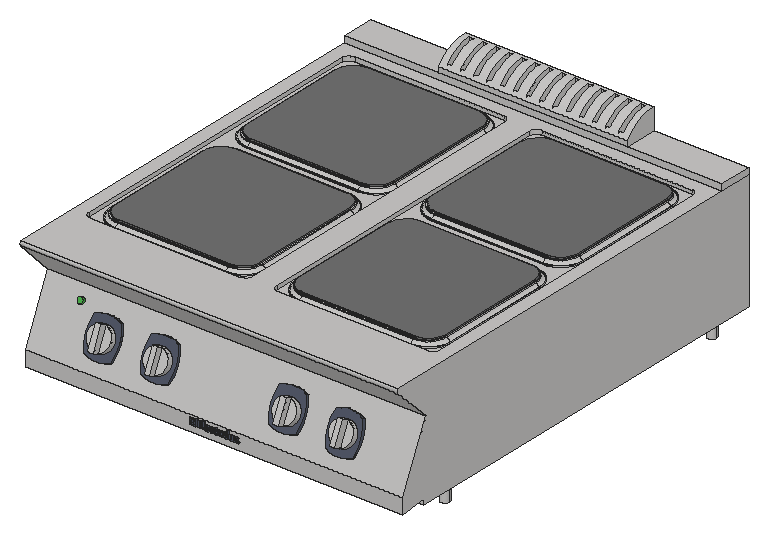
Revit family "QF_ELECTROLUXPROFESSIONAL_391182_E9ECMH4Q05", category Specialty Equipment, Revit 2018
Family settings
  Round Connector Dimension = Use Diameter
  Part Type = Normal
  Work Plane-Based = No
  Always vertical = Yes
  Cut with Voids When Loaded = No
  Shared = No
  Room Calculation Point = No
Parameters (values of type "Standard")
  Weight = 85.00 kg
  Watts = 0 W
  Volts = 400 V
  URL Manufacturer = "http://professional.electrolux.com"
  URL = "http://professional.electrolux.com"
  Steam Supply Size = 0"
  Steam Supply Minimum Pressure = 0.00 psi
  Steam Supply Maximum Pressure = 0.00 psi
  Steam Pounds per Hour = 0
  Show Logo [instance] = yes
  Show Clearance [instance] = yes
  Refrigeration Suction Line Size = 0 mm
  Refrigeration Liquid Line Size = 0 mm
  Refrigerant Compressor Remote = yes
  Phase = 3
  Model = "E9ECMH4Q05"
  Manufacturer = "Electrolux Professional"
  Length Actual = 800 mm  # constant formula
  Item Number = "391182"
  Hot Water Size = 0"
  Height Actual = 250 mm  # constant formula
  HP = "21.5 HP"
  Gas Size = 0"
  Gas KW = 0
  Gas Input Pressure = 0.0 Btu/h
  Direct Waste Size = 0"
  Description = "4HOT PLATE EL.BOIL.TOP 800MM-400V-MARINE"
  Depth Actual = 930 mm  # constant formula
  Cycle = 50 Hz
  Condensate Return Size = 0"
  Compressed Air Volume = 0 GPM
  Compressed Air Size = 0"
  Compressed Air Pressure = 0.00 psi
  Cold Water Size = 0"
  Accessory = yes
Reference planes
  plane 1 "BACK": y = 0
  plane 2: z = 0
  plane 3 "LEFT": x = 0
  plane 4 "RIGHT": x = 800
  plane 5 "FRONT": y = -930
  plane 6 "TOP": z = 333
  plane 7 "Center Y": x = 400
  plane 8 "Center X": y = -465
  plane 9 "BASE": z = 24
  plane 10 "TOP A": z = 275
  plane 11: y = -790
  plane 12: y = -915
  plane 13: y = -82
  plane 14: y = -609
  plane 15: y = -583
Forms (mm)
  Extrusion 1, solid, material "QF_Finishes_Stainless Steel"
    sketch origin (0, 0, 0) x (0, 1, 0) y (0, 0, 1)
      loop
        line (0, 275) -> (-928.041, 275)
        arc (-928.041, 275) -> (-929.999, 270.526) -> (-928.201, 265.985) r 6.35
        line (-928.201, 265.985) -> (-856.039, 191.809) -> (-915, 63.041) -> (-915, 30.789) -> (-859.023, 36.7) -> (-859.023, 24) -> (0, 24) -> (0, 275)
    from 0 to 800
  Extrusion 2, void
    sketch origin (0, -198.623, 273.238) x (-1, 0, 0) y (0, -1, 0)
      loop
        arc (-42.5, -101.089) -> (-31.893, -96.696) -> (-27.5, -86.089) r 15
        line (-27.5, -86.089) -> (-27.5, 583.262)
        arc (-27.5, 583.262) -> (-31.893, 593.868) -> (-42.5, 598.262) r 15
        line (-42.5, 598.262) -> (-359.751, 598.262)
        arc (-359.751, 598.262) -> (-370.358, 593.868) -> (-374.751, 583.262) r 15
        line (-374.751, 583.262) -> (-374.751, -86.089)
        arc (-374.751, -86.089) -> (-370.358, -96.696) -> (-359.751, -101.089) r 15
        line (-359.751, -101.089) -> (-42.5, -101.089)
      loop
        line (-757.5, -101.089) -> (-440.249, -101.089)
        arc (-440.249, -101.089) -> (-429.642, -96.696) -> (-425.249, -86.089) r 15
        line (-425.249, -86.089) -> (-425.249, 583.262)
        arc (-425.249, 583.262) -> (-429.642, 593.868) -> (-440.249, 598.262) r 15
        line (-440.249, 598.262) -> (-757.5, 598.262)
        arc (-757.5, 598.262) -> (-768.107, 593.868) -> (-772.5, 583.262) r 15
        line (-772.5, 583.262) -> (-772.5, -86.089)
        arc (-772.5, -86.089) -> (-768.107, -96.696) -> (-757.5, -101.089) r 15
    from 1.763 to -6.35
  Extrusion 3, solid, material "QF_Finishes_Stainless Steel"
    sketch origin (0, -198.623, 0) x (1, 0, 0) y (0, 1, 0)
      loop
        circle (11.112, 116.623) r 9.525
      loop
        circle (11.112, -591.377) r 9.525
      loop
        circle (788.887, 116.623) r 9.525
      loop
        circle (788.888, -591.377) r 9.525
    from 0 to 24
  Extrusion 4, solid, material "QF_Clearances", visible <- "Show Clearance", detail levels coarse
    sketch origin (0, -198.623, 0) x (1, 0, 0) y (0, 1, 0)
      loop
        line (0, -731.377) -> (0, 198.623) -> (800, 198.623) -> (800, -731.377) -> (900.019, -731.377) -> (900.019, 298.642) -> (-100.019, 298.642) -> (-100.019, -731.377) -> (0, -731.377)
    from 0 to 333
  Extrusion 5, solid, material "QF_Finishes_Stainless Steel"
    sketch origin (0, -198.623, 266.888) x (-1, 0, 0) y (0, -1, 0)
      loop
        arc (-86.725, 266.377) -> (-58.441, 278.092) -> (-46.725, 306.377) r 40
        line (-46.725, 306.377) -> (-46.725, 541.377)
        arc (-46.725, 541.377) -> (-58.441, 569.661) -> (-86.725, 581.377) r 40
        line (-86.725, 581.377) -> (-321.725, 581.377)
        arc (-321.725, 581.377) -> (-350.009, 569.661) -> (-361.725, 541.377) r 40
        line (-361.725, 541.377) -> (-361.725, 306.377)
        arc (-361.725, 306.377) -> (-350.009, 278.092) -> (-321.725, 266.377) r 40
        line (-321.725, 266.377) -> (-86.725, 266.377)
      loop
        line (-86.725, 230.796) -> (-321.725, 230.796)
        arc (-321.725, 230.796) -> (-350.009, 219.08) -> (-361.725, 190.796) r 40
        line (-361.725, 190.796) -> (-361.725, -44.204)
        arc (-361.725, -44.204) -> (-350.009, -72.488) -> (-321.725, -84.204) r 40
        line (-321.725, -84.204) -> (-86.725, -84.204)
        arc (-86.725, -84.204) -> (-58.441, -72.488) -> (-46.725, -44.204) r 40
        line (-46.725, -44.204) -> (-46.725, 190.796)
        arc (-46.725, 190.796) -> (-58.441, 219.08) -> (-86.725, 230.796) r 40
      loop
        line (-713.275, 266.377) -> (-478.275, 266.377)
        arc (-478.275, 266.377) -> (-449.991, 278.092) -> (-438.275, 306.377) r 40
        line (-438.275, 306.377) -> (-438.275, 541.377)
        arc (-438.275, 541.377) -> (-449.991, 569.661) -> (-478.275, 581.377) r 40
        line (-478.275, 581.377) -> (-713.275, 581.377)
        arc (-713.275, 581.377) -> (-741.559, 569.661) -> (-753.275, 541.377) r 40
        line (-753.275, 541.377) -> (-753.275, 306.377)
        arc (-753.275, 306.377) -> (-741.559, 278.092) -> (-713.275, 266.377) r 40
      loop
        arc (-713.275, 230.796) -> (-741.559, 219.08) -> (-753.275, 190.796) r 40
        line (-753.275, 190.796) -> (-753.275, -44.204)
        arc (-753.275, -44.204) -> (-741.559, -72.488) -> (-713.275, -84.204) r 40
        line (-713.275, -84.204) -> (-478.275, -84.204)
        arc (-478.275, -84.204) -> (-449.991, -72.488) -> (-438.275, -44.204) r 40
        line (-438.275, -44.204) -> (-438.275, 190.796)
        arc (-438.275, 190.796) -> (-449.991, 219.08) -> (-478.275, 230.796) r 40
        line (-478.275, 230.796) -> (-713.275, 230.796)
    from 0 to 10
  Sweep 6, solid, material "QF_Finishes_Stainless Steel"
    path origin (0, -198.623, 276.888) x (-1, 0, 0) y (0, -1, 0)
      loop
        line (-46.725, 306.377) -> (-46.725, 541.377)
        arc (-46.725, 541.377) -> (-58.441, 569.661) -> (-86.725, 581.377) r 40
        line (-86.725, 581.377) -> (-321.725, 581.377)
        arc (-321.725, 581.377) -> (-350.009, 569.661) -> (-361.725, 541.377) r 40
        line (-361.725, 541.377) -> (-361.725, 306.377)
        arc (-361.725, 306.377) -> (-350.009, 278.092) -> (-321.725, 266.377) r 40
        line (-321.725, 266.377) -> (-86.725, 266.377)
        arc (-86.725, 266.377) -> (-58.441, 278.092) -> (-46.725, 306.377) r 40
    profile origin (46.725, -622.5, 276.888) x (1, 0, 0) y (0, 0, 1)
      loop
        arc (0, -1.759) -> (-2.638, -5.472) -> (-6.35, -8.109) r 13.651
        line (-6.35, -8.109) -> (-8.064, -8.109) -> (-8.064, -10) -> (0, -10) -> (0, -1.759)
  Sweep 7, solid, material "QF_Finishes_Stainless Steel"
    path origin (0, 151.957, 276.888) x (-1, 0, 0) y (0, -1, 0)
      loop
        line (-46.725, 306.377) -> (-46.725, 541.377)
        arc (-46.725, 541.377) -> (-58.441, 569.661) -> (-86.725, 581.377) r 40
        line (-86.725, 581.377) -> (-321.725, 581.377)
        arc (-321.725, 581.377) -> (-350.009, 569.661) -> (-361.725, 541.377) r 40
        line (-361.725, 541.377) -> (-361.725, 306.377)
        arc (-361.725, 306.377) -> (-350.009, 278.092) -> (-321.725, 266.377) r 40
        line (-321.725, 266.377) -> (-86.725, 266.377)
        arc (-86.725, 266.377) -> (-58.441, 278.092) -> (-46.725, 306.377) r 40
    profile origin (46.725, -271.919, 276.888) x (1, 0, 0) y (0, 0, 1)
      loop
        arc (0, -1.759) -> (-2.638, -5.472) -> (-6.35, -8.109) r 13.651
        line (-6.35, -8.109) -> (-8.064, -8.109) -> (-8.064, -10) -> (0, -10) -> (0, -1.759)
  Extrusion 8, solid, material "QF_Finishes_Rubber Black"
    sketch origin (0, -198.623, 276.888) x (-1, 0, 0) y (0, -1, 0)
      loop
        arc (-49.725, 190.796) -> (-60.562, 216.959) -> (-86.725, 227.796) r 37
        line (-86.725, 227.796) -> (-321.725, 227.796)
        arc (-321.725, 227.796) -> (-347.888, 216.959) -> (-358.725, 190.796) r 37
        line (-358.725, 190.796) -> (-358.725, -44.204)
        arc (-358.725, -44.204) -> (-347.888, -70.367) -> (-321.725, -81.204) r 37
        line (-321.725, -81.204) -> (-86.725, -81.204)
        arc (-86.725, -81.204) -> (-60.562, -70.367) -> (-49.725, -44.204) r 37
        line (-49.725, -44.204) -> (-49.725, 190.796)
      loop
        arc (-86.725, 269.377) -> (-60.562, 280.214) -> (-49.725, 306.377) r 37
        line (-49.725, 306.377) -> (-49.725, 541.377)
        arc (-49.725, 541.377) -> (-60.562, 567.54) -> (-86.725, 578.377) r 37
        line (-86.725, 578.377) -> (-321.725, 578.377)
        arc (-321.725, 578.377) -> (-347.888, 567.54) -> (-358.725, 541.377) r 37
        line (-358.725, 541.377) -> (-358.725, 306.377)
        arc (-358.725, 306.377) -> (-347.888, 280.214) -> (-321.725, 269.377) r 37
        line (-321.725, 269.377) -> (-86.725, 269.377)
      loop
        line (-750.275, 190.796) -> (-750.275, -44.204)
        arc (-750.275, -44.204) -> (-739.438, -70.367) -> (-713.275, -81.204) r 37
        line (-713.275, -81.204) -> (-478.275, -81.204)
        arc (-478.275, -81.204) -> (-452.112, -70.367) -> (-441.275, -44.204) r 37
        line (-441.275, -44.204) -> (-441.275, 190.796)
        arc (-441.275, 190.796) -> (-452.112, 216.959) -> (-478.275, 227.796) r 37
        line (-478.275, 227.796) -> (-713.275, 227.796)
        arc (-713.275, 227.796) -> (-739.438, 216.959) -> (-750.275, 190.796) r 37
      loop
        line (-713.275, 269.377) -> (-478.275, 269.377)
        arc (-478.275, 269.377) -> (-452.112, 280.214) -> (-441.275, 306.377) r 37
        line (-441.275, 306.377) -> (-441.275, 541.377)
        arc (-441.275, 541.377) -> (-452.112, 567.54) -> (-478.275, 578.377) r 37
        line (-478.275, 578.377) -> (-713.275, 578.377)
        arc (-713.275, 578.377) -> (-739.438, 567.54) -> (-750.275, 541.377) r 37
        line (-750.275, 541.377) -> (-750.275, 306.377)
        arc (-750.275, 306.377) -> (-739.438, 280.214) -> (-713.275, 269.377) r 37
    from 0 to 2
  Extrusion 9, solid, material "QF_Finishes_Green"
    sketch origin (0, -915, 63.041) x (0, 0.416318, 0.909219) y (-1, 0, 0)
      loop
        circle (111.946, -80.648) r 6.35
    from 0 to 3.175
  Extrusion 10, solid, material "QF_Finishes_Stainless Steel"
    sketch origin (-24.783, -926.544, 74) x (0, 0.421077, 0.907025) y (-1, 0, 0)
      loop
        arc (85.433, -567.049) -> (86.101, -561.263) -> (85.433, -555.477) r 25.4
        line (85.433, -555.477) -> (35.969, -555.477)
        arc (35.969, -555.477) -> (35.301, -561.263) -> (35.969, -567.049) r 25.4
        line (35.969, -567.049) -> (85.433, -567.049)
      loop
        arc (85.433, -687.049) -> (86.101, -681.263) -> (85.433, -675.477) r 25.4
        line (85.433, -675.477) -> (35.969, -675.477)
        arc (35.969, -675.477) -> (35.301, -681.263) -> (35.969, -687.049) r 25.4
        line (35.969, -687.049) -> (85.433, -687.049)
      loop
        line (85.433, -282.517) -> (35.969, -282.517)
        arc (35.969, -282.517) -> (35.301, -288.303) -> (35.969, -294.089) r 25.4
        line (35.969, -294.089) -> (85.433, -294.089)
        arc (85.433, -294.089) -> (86.101, -288.303) -> (85.433, -282.517) r 25.4
      loop
        line (85.433, -162.517) -> (35.969, -162.517)
        arc (35.969, -162.517) -> (35.301, -168.303) -> (35.969, -174.089) r 25.4
        line (35.969, -174.089) -> (85.433, -174.089)
        arc (85.433, -174.089) -> (86.101, -168.303) -> (85.433, -162.517) r 25.4
    from 0 to 12.7
  Extrusion 11, solid, material "QF_Finishes_Stainless Steel"
    sketch origin (417.5, -915.025, 66.777) x (0, 0.421077, 0.907025) y (-1, 0, 0)
      loop
        circle (62.576, -119.037) r 25.4
      loop
        circle (62.576, -239.037) r 25.4
      loop
        circle (62.576, 154.037) r 25.4
      loop
        circle (62.576, 274.037) r 25.4
    from 0 to 12.7
  Extrusion 12, solid, material "QF_Finishes_Stainless Steel"
    sketch origin (0, -300.223, 24) x (-1, 0, 0) y (0, 1, 0)
      loop
        circle (-649, -308.777) r 12.7
    from 0 to 12.7
  Extrusion 13, solid, material "QF_Finishes_Stainless Steel"
    sketch origin (0, -300.223, 24) x (-1, 0, 0) y (0, 1, 0)
      loop
        circle (-739, -282.777) r 12.7
    from 0 to 12.7
  Extrusion 14, solid, material "QF_Finishes_Navy Blue - Electrolux"
    sketch origin (0, -915, 63.041) x (0, 0.416318, 0.909219) y (-1, 0, 0)
      loop
        arc (103.364, -507.24) -> (68.487, -500.223) -> (33.619, -507.285) r 89.894
        arc (33.619, -507.285) -> (26.924, -535.815) -> (33.619, -564.346) r 64.14
        arc (33.619, -564.346) -> (68.487, -571.411) -> (103.364, -564.39) r 89.853
        arc (103.364, -564.39) -> (110.078, -535.815) -> (103.364, -507.24) r 64.16
      loop
        arc (100.864, -627.597) -> (65.987, -620.58) -> (31.119, -627.641) r 89.894
        arc (31.119, -627.641) -> (24.424, -656.172) -> (31.119, -684.703) r 64.14
        arc (31.119, -684.703) -> (65.987, -691.768) -> (100.864, -684.747) r 89.853
        arc (100.864, -684.747) -> (107.578, -656.172) -> (100.864, -627.597) r 64.16
      loop
        arc (103.364, -292.76) -> (110.078, -264.185) -> (103.364, -235.61) r 64.16
        arc (103.364, -235.61) -> (68.487, -228.589) -> (33.619, -235.654) r 89.853
        arc (33.619, -235.654) -> (26.924, -264.185) -> (33.619, -292.715) r 64.14
        arc (33.619, -292.715) -> (68.487, -299.777) -> (103.364, -292.76) r 89.894
      loop
        arc (100.864, -172.403) -> (107.578, -143.828) -> (100.864, -115.253) r 64.16
        arc (100.864, -115.253) -> (65.987, -108.232) -> (31.119, -115.297) r 89.853
        arc (31.119, -115.297) -> (24.424, -143.828) -> (31.119, -172.359) r 64.14
        arc (31.119, -172.359) -> (65.987, -179.42) -> (100.864, -172.403) r 89.894
    from 0 to 4
  Extrusion 15, solid, material "QF_Finishes_Stainless Steel"
    sketch origin (200, 0, 0) x (0, 1, 0) y (0, 0, 1)
      loop
        line (0, 287.778) -> (0, 333.762)
        arc (0, 333.762) -> (-38.885, 325.372) -> (-69.85, 300.4) r 86.116
        line (-69.85, 300.4) -> (-69.85, 287.778) -> (0, 287.778)
    from 0 to 400
  Extrusion 16, void
    sketch origin (200, 0, 273.237) x (-1, 0, 0) y (0, -1, 0)
      loop
        line (-13.453, 6.761) -> (-13.453, 63.911) -> (-22.749, 63.911) -> (-22.749, 6.761) -> (-13.453, 6.761)
    from 25.4 to 63.5
  Extrusion 17, void
    sketch origin (600.05, 0, 273.237) x (1, 0, 0) y (0, 1, 0)
      loop
        line (-13.503, -6.761) -> (-22.799, -6.761) -> (-22.799, -63.911) -> (-13.503, -63.911) -> (-13.503, -6.761)
    from 25.4 to 63.5
  Extrusion 18, void
    sketch origin (227.988, 0, 273.237) x (-1, 0, 0) y (0, -1, 0)
      loop
        line (-13.453, 6.761) -> (-13.453, 63.911) -> (-22.749, 63.911) -> (-22.749, 6.761) -> (-13.453, 6.761)
    from 25.4 to 63.5
  Extrusion 19, void
    sketch origin (255.977, 0, 273.237) x (-1, 0, 0) y (0, -1, 0)
      loop
        line (-13.453, 6.761) -> (-13.453, 63.911) -> (-22.749, 63.911) -> (-22.749, 6.761) -> (-13.453, 6.761)
    from 25.4 to 63.5
  Extrusion 20, void
    sketch origin (283.965, 0, 273.237) x (-1, 0, 0) y (0, -1, 0)
      loop
        line (-13.428, 6.761) -> (-13.428, 63.911) -> (-22.724, 63.911) -> (-22.724, 6.761) -> (-13.428, 6.761)
    from 25.4 to 63.5
  Extrusion 21, void
    sketch origin (311.953, 0, 273.237) x (-1, 0, 0) y (0, -1, 0)
      loop
        line (-13.428, 6.761) -> (-13.428, 63.911) -> (-22.724, 63.911) -> (-22.724, 6.761) -> (-13.428, 6.761)
    from 25.4 to 63.5
  Extrusion 22, void
    sketch origin (339.942, 0, 273.237) x (-1, 0, 0) y (0, -1, 0)
      loop
        line (-13.428, 6.761) -> (-13.428, 63.911) -> (-22.724, 63.911) -> (-22.724, 6.761) -> (-13.428, 6.761)
    from 25.4 to 63.5
  Extrusion 23, void
    sketch origin (367.93, 0, 273.237) x (-1, 0, 0) y (0, -1, 0)
      loop
        line (-13.428, 6.761) -> (-13.428, 63.911) -> (-22.724, 63.911) -> (-22.724, 6.761) -> (-13.428, 6.761)
    from 25.4 to 63.5
  Extrusion 24, void
    sketch origin (395.918, 0, 273.237) x (-1, 0, 0) y (0, -1, 0)
      loop
        line (-13.428, 6.761) -> (-13.428, 63.911) -> (-22.724, 63.911) -> (-22.724, 6.761) -> (-13.428, 6.761)
    from 25.4 to 63.5
  Extrusion 25, void
    sketch origin (423.907, 0, 273.237) x (-1, 0, 0) y (0, -1, 0)
      loop
        line (-13.428, 6.761) -> (-13.428, 63.911) -> (-22.724, 63.911) -> (-22.724, 6.761) -> (-13.428, 6.761)
    from 25.4 to 63.5
  Extrusion 26, void
    sketch origin (451.895, 0, 273.237) x (-1, 0, 0) y (0, -1, 0)
      loop
        line (-13.428, 6.761) -> (-13.428, 63.911) -> (-22.724, 63.911) -> (-22.724, 6.761) -> (-13.428, 6.761)
    from 25.4 to 63.5
  Extrusion 27, void
    sketch origin (479.884, 0, 273.237) x (-1, 0, 0) y (0, -1, 0)
      loop
        line (-13.403, 6.761) -> (-13.403, 63.911) -> (-22.699, 63.911) -> (-22.699, 6.761) -> (-13.403, 6.761)
    from 25.4 to 63.5
  Extrusion 28, void
    sketch origin (507.872, 0, 273.237) x (-1, 0, 0) y (0, -1, 0)
      loop
        line (-13.403, 6.761) -> (-13.403, 63.911) -> (-22.699, 63.911) -> (-22.699, 6.761) -> (-13.403, 6.761)
    from 25.4 to 63.5
  Extrusion 29, void
    sketch origin (535.86, 0, 273.237) x (-1, 0, 0) y (0, -1, 0)
      loop
        line (-13.403, 6.761) -> (-13.403, 63.911) -> (-22.699, 63.911) -> (-22.699, 6.761) -> (-13.403, 6.761)
    from 25.4 to 63.5
  Sweep 30, solid, material "QF_Finishes_Stainless Steel"
    path origin (800, -198.623, 276.887) x (1, 0, 0) y (0, 1, 0)
      loop
        arc (-46.725, -306.377) -> (-58.441, -278.092) -> (-86.725, -266.377) r 40
        line (-86.725, -266.377) -> (-321.725, -266.377)
        arc (-321.725, -266.377) -> (-350.009, -278.092) -> (-361.725, -306.377) r 40
        line (-361.725, -306.377) -> (-361.725, -541.377)
        arc (-361.725, -541.377) -> (-350.009, -569.661) -> (-321.725, -581.377) r 40
        line (-321.725, -581.377) -> (-86.725, -581.377)
        arc (-86.725, -581.377) -> (-58.441, -569.661) -> (-46.725, -541.377) r 40
        line (-46.725, -541.377) -> (-46.725, -306.377)
    profile origin (753.275, -622.5, 276.888) x (1, 0, 0) y (0, 0, 1)
      loop
        line (0, -1.759) -> (0, -10) -> (8.064, -10) -> (8.064, -8.109) -> (6.35, -8.109)
        arc (6.35, -8.109) -> (2.638, -5.472) -> (0, -1.759) r 13.651
  Sweep 31, solid, material "QF_Finishes_Stainless Steel"
    path origin (800, 151.957, 276.887) x (1, 0, 0) y (0, 1, 0)
      loop
        arc (-46.725, -306.377) -> (-58.441, -278.092) -> (-86.725, -266.377) r 40
        line (-86.725, -266.377) -> (-321.725, -266.377)
        arc (-321.725, -266.377) -> (-350.009, -278.092) -> (-361.725, -306.377) r 40
        line (-361.725, -306.377) -> (-361.725, -541.377)
        arc (-361.725, -541.377) -> (-350.009, -569.661) -> (-321.725, -581.377) r 40
        line (-321.725, -581.377) -> (-86.725, -581.377)
        arc (-86.725, -581.377) -> (-58.441, -569.661) -> (-46.725, -541.377) r 40
        line (-46.725, -541.377) -> (-46.725, -306.377)
    profile origin (753.275, -271.919, 276.888) x (1, 0, 0) y (0, 0, 1)
      loop
        line (0, -1.759) -> (0, -10) -> (8.064, -10) -> (8.064, -8.109) -> (6.35, -8.109)
        arc (6.35, -8.109) -> (2.638, -5.472) -> (0, -1.759) r 13.651
  Extrusion 32, solid, material "QF_Finishes_Navy Blue", visible <- "Show Logo"
    sketch origin (0, -915, 31.09) x (0, 0, 1) y (-1, 0, 0)
      loop
        line (27.074, -357.34) -> (14.707, -357.34)
        arc (14.707, -357.34) -> (20.891, -361.912) -> (27.074, -357.34) r 6.467
      loop
        arc (27.074, -356.711) -> (25.905, -351.568) -> (21.249, -349.09) r 6.338
        line (21.249, -349.09) -> (21.249, -351.136)
        arc (21.249, -351.136) -> (22.733, -354.791) -> (26.178, -356.711) r 5.941
        line (26.178, -356.711) -> (27.074, -356.711)
      loop
        arc (15.603, -356.711) -> (19.048, -354.791) -> (20.532, -351.136) r 5.941
        line (20.532, -351.136) -> (20.532, -349.09)
        arc (20.532, -349.09) -> (15.838, -351.564) -> (14.548, -356.711) r 6.504
        line (14.548, -356.711) -> (15.603, -356.711)
      loop
        line (27.749, -348.621) -> (14.004, -348.621) -> (14.004, -362.384) -> (27.749, -362.384) -> (27.749, -348.621)
      loop
        arc (27.832, -365.352) -> (27.485, -364.994) -> (27.118, -365.332) r 0.358
        arc (27.118, -365.332) -> (26.804, -366.082) -> (26.087, -366.467) r 1.216
        line (26.087, -366.467) -> (15.674, -366.467)
        arc (15.674, -366.467) -> (15.014, -366.19) -> (14.618, -365.593) r 1.238
        arc (14.618, -365.593) -> (14.223, -365.342) -> (13.918, -365.696) r 0.358
        line (13.918, -365.696) -> (13.918, -375.575) -> (16.669, -375.575) -> (16.669, -374.678)
        arc (16.669, -374.678) -> (15.76, -374.098) -> (15.304, -373.121) r 1.928
        line (15.304, -373.121) -> (15.304, -370.622)
        arc (15.304, -370.622) -> (15.58, -369.893) -> (16.268, -369.529) r 1.101
        line (16.268, -369.529) -> (20.355, -369.529) -> (20.355, -373.203)
        arc (20.355, -373.203) -> (20.002, -373.7) -> (19.437, -373.928) r 1.083
        arc (19.437, -373.928) -> (19.173, -374.233) -> (19.465, -374.511) r 0.292
        line (19.465, -374.511) -> (22.428, -374.511)
        arc (22.428, -374.511) -> (22.73, -374.238) -> (22.492, -373.908) r 0.305
        arc (22.492, -373.908) -> (22.001, -373.66) -> (21.696, -373.203) r 1.083
        line (21.696, -373.203) -> (21.696, -369.529) -> (26.373, -369.529) -> (26.373, -373.277)
        arc (26.373, -373.277) -> (26.159, -374.032) -> (25.553, -374.53) r 1.314
        arc (25.553, -374.53) -> (25.334, -374.934) -> (25.688, -375.227) r 0.361
        line (25.688, -375.227) -> (27.832, -375.227) -> (27.832, -365.352)
      loop
        arc (27.115, -376.007) -> (26.735, -376.926) -> (25.816, -377.306) r 1.299
        line (25.816, -377.306) -> (16.237, -377.306)
        arc (16.237, -377.306) -> (15.399, -376.928) -> (15.128, -376.05) r 1.118
        line (15.128, -376.05) -> (13.918, -376.05) -> (13.918, -381.4) -> (15.106, -381.4)
        arc (15.106, -381.4) -> (15.378, -380.483) -> (16.248, -380.087) r 1.153
        line (16.248, -380.087) -> (28.32, -380.087) -> (27.115, -376.007)
      loop
        line (18.883, -384.036) -> (18.883, -390.484) -> (19.682, -390.484)
        arc (19.682, -390.484) -> (22.262, -389.499) -> (23.531, -387.046) r 3.874
        line (23.531, -387.046) -> (23.531, -385.285)
        arc (23.531, -385.285) -> (22.344, -382.42) -> (19.48, -381.234) r 4.051
        line (19.48, -381.234) -> (17.472, -381.234)
        arc (17.472, -381.234) -> (14.653, -382.719) -> (13.602, -385.726) r 4.352
        arc (13.602, -385.726) -> (13.966, -388.189) -> (15.343, -390.264) r 5.713
        line (15.343, -390.264) -> (16.292, -390.264)
        arc (16.292, -390.264) -> (15.56, -388.694) -> (15.343, -386.976) r 5.579
        arc (15.343, -386.976) -> (16.137, -385.013) -> (18.016, -384.036) r 3.057
        line (18.016, -384.036) -> (18.883, -384.036)
      loop
        line (20.142, -384.036) -> (20.142, -387.619)
        arc (20.142, -387.619) -> (21.599, -387.666) -> (22.482, -386.506) r 1.59
        line (22.482, -386.506) -> (22.482, -385.676)
        arc (22.482, -385.676) -> (21.617, -384.421) -> (20.142, -384.036) r 2.184
      loop
        arc (22.933, -399.901) -> (23.422, -398.227) -> (23.579, -396.49) r 9.023
        line (23.579, -396.49) -> (23.579, -395.128)
        arc (23.579, -395.128) -> (22.42, -392.328) -> (19.62, -391.169) r 3.959
        line (19.62, -391.169) -> (17.02, -391.169)
        arc (17.02, -391.169) -> (14.738, -392.461) -> (13.621, -394.834) r 4.331
        line (13.621, -394.834) -> (13.621, -396.969)
        arc (13.621, -396.969) -> (14.129, -398.519) -> (15.051, -399.865) r 5.772
        arc (15.051, -399.865) -> (15.812, -399.916) -> (15.899, -399.157) r 0.553
        arc (15.899, -399.157) -> (15.511, -398.423) -> (15.377, -397.604) r 2.573
        line (15.377, -397.604) -> (15.377, -396.089)
        arc (15.377, -396.089) -> (16.383, -394.448) -> (18.198, -393.805) r 2.884
        line (18.198, -393.805) -> (19.477, -393.805)
        arc (19.477, -393.805) -> (21.298, -394.365) -> (22.224, -396.03) r 2.554
        line (22.224, -396.03) -> (22.224, -397.083)
        arc (22.224, -397.083) -> (21.893, -398.011) -> (21.236, -398.746) r 2.564
        arc (21.236, -398.746) -> (21.014, -399.463) -> (21.623, -399.901) r 0.643
        line (21.623, -399.901) -> (22.933, -399.901)
      loop
        line (21.915, -400.172) -> (21.915, -401.673) -> (15.867, -401.673)
        arc (15.867, -401.673) -> (14.279, -402.33) -> (13.621, -403.918) r 2.246
        line (13.621, -403.918) -> (13.621, -405.502)
        arc (13.621, -405.502) -> (13.935, -406.367) -> (14.435, -407.138) r 4.06
        arc (14.435, -407.138) -> (15.168, -407.271) -> (15.419, -406.57) r 0.576
        arc (15.419, -406.57) -> (15.313, -406.045) -> (15.377, -405.512) r 1.69
        arc (15.377, -405.512) -> (15.919, -404.724) -> (16.825, -404.421) r 1.506
        line (16.825, -404.421) -> (21.963, -404.421) -> (21.963, -406.818) -> (22.519, -407.375) -> (23.341, -407.375) -> (23.341, -404.515) -> (26.572, -404.515) -> (21.915, -400.172)
      loop
        line (13.838, -408.272) -> (13.838, -413.659) -> (14.948, -413.659)
        arc (14.948, -413.659) -> (15.342, -412.708) -> (16.293, -412.314) r 1.345
        line (16.293, -412.314) -> (19.909, -412.314)
        arc (19.909, -412.314) -> (20.674, -412.906) -> (20.964, -413.828) r 1.615
        line (20.964, -413.828) -> (20.964, -415.384) -> (23.519, -416.069) -> (23.519, -414.686) -> (21.577, -412.127) -> (23.457, -412.127) -> (23.173, -409.421)
        arc (23.173, -409.421) -> (22.733, -408.891) -> (22.074, -409.092) r 0.621
        arc (22.074, -409.092) -> (21.674, -409.434) -> (21.18, -409.617) r 1.501
        line (21.18, -409.617) -> (16.293, -409.617)
        arc (16.293, -409.617) -> (15.342, -409.223) -> (14.948, -408.272) r 1.345
        line (14.948, -408.272) -> (13.838, -408.272)
      loop
        line (19.94, -415.606) -> (17.248, -415.606)
        arc (17.248, -415.606) -> (14.803, -416.914) -> (13.669, -419.445) r 4.288
        arc (13.669, -419.445) -> (13.605, -420.825) -> (13.669, -422.205) r 15.022
        arc (13.669, -422.205) -> (14.803, -424.736) -> (17.248, -426.043) r 4.288
        line (17.248, -426.043) -> (19.94, -426.043)
        arc (19.94, -426.043) -> (22.386, -424.736) -> (23.519, -422.205) r 4.288
        arc (23.519, -422.205) -> (23.583, -420.825) -> (23.519, -419.445) r 15.022
        arc (23.519, -419.445) -> (22.386, -416.914) -> (19.94, -415.606) r 4.288
      loop
        line (20.145, -418.721) -> (17.043, -418.721)
        arc (17.043, -418.721) -> (14.886, -420.877) -> (17.043, -423.034) r 2.157
        line (17.043, -423.034) -> (20.145, -423.034)
        arc (20.145, -423.034) -> (22.302, -420.877) -> (20.145, -418.721) r 2.157
      loop
        arc (27.126, -425.902) -> (26.755, -426.796) -> (25.861, -427.166) r 1.264
        line (25.861, -427.166) -> (15.997, -427.166)
        arc (15.997, -427.166) -> (15.127, -426.769) -> (14.855, -425.853) r 1.153
        line (14.855, -425.853) -> (13.918, -425.853) -> (13.918, -430.961) -> (14.846, -430.961)
        arc (14.846, -430.961) -> (15.205, -430.189) -> (15.997, -429.874) r 1.153
        line (15.997, -429.874) -> (28.32, -429.874) -> (27.126, -425.902)
      loop
        arc (22.246, -430.499) -> (22.047, -431.563) -> (21.078, -432.045) r 1.215
        line (21.078, -432.045) -> (16.058, -432.045)
        arc (16.058, -432.045) -> (14.443, -432.693) -> (13.722, -434.276) r 2.338
        line (13.722, -434.276) -> (13.722, -435.79)
        arc (13.722, -435.79) -> (13.897, -436.794) -> (14.399, -437.68) r 2.979
        line (14.399, -437.68) -> (13.918, -439.477) -> (13.918, -441.166) -> (23.343, -441.166) -> (23.049, -436.962) -> (22.263, -436.962)
        arc (22.263, -436.962) -> (21.907, -437.798) -> (21.155, -438.307) r 1.605
        line (21.155, -438.307) -> (16.052, -438.307)
        arc (16.052, -438.307) -> (15.632, -437.37) -> (15.559, -436.346) r 2.94
        arc (15.559, -436.346) -> (16.12, -435.245) -> (17.273, -434.802) r 1.724
        line (17.273, -434.802) -> (23.47, -434.802) -> (22.246, -430.499)
      loop
        line (23.274, -442.019) -> (21.602, -444.065) -> (18.428, -446.371) -> (14.972, -443.259)
        arc (14.972, -443.259) -> (14.735, -442.865) -> (14.757, -442.406) r 0.789
        line (14.757, -442.406) -> (13.918, -442.406) -> (13.918, -445.951) -> (14.744, -445.951)
        arc (14.744, -445.951) -> (15.086, -445.589) -> (15.576, -445.681) r 0.52
        line (15.576, -445.681) -> (17.376, -447.152) -> (15.258, -448.528)
        arc (15.258, -448.528) -> (14.857, -448.218) -> (14.77, -447.718) r 0.7
        line (14.77, -447.718) -> (13.918, -447.718) -> (13.918, -453.645) -> (14.805, -453.645)
        arc (14.805, -453.645) -> (14.872, -452.986) -> (15.266, -452.455) r 1.247
        line (15.266, -452.455) -> (19.466, -449.174) -> (21.913, -451.227) -> (23.274, -452.969) -> (23.274, -449.246) -> (21.789, -449.668) -> (20.268, -448.391) -> (21.968, -447.201) -> (23.274, -447.978) -> (23.274, -442.019)
    from 0 to 1.644
  Extrusion 33, solid, material "QF_Finishes_Stainless Steel"
    sketch origin (800, 0, 0) x (0, 1, 0) y (0, 0, 1)
      loop
        line (-69.85, 275) -> (0, 275) -> (0, 287.778) -> (-69.85, 287.778) -> (-69.85, 275)
    from 0 to -800
Cuts and joins
  Extrusion 2 cuts Extrusion 1
  Extrusion 2 cuts Extrusion 5
  Extrusion 16, Extrusion 17, Extrusion 18, Extrusion 19, Extrusion 20, Extrusion 21, Extrusion 22, Extrusion 23, Extrusion 24, Extrusion 25, Extrusion 26, Extrusion 27, Extrusion 28, Extrusion 29 cuts Extrusion 15
Lines and regions (mm)
  symbolic lines, style "QF_Clearances", visible <- "Show Clearance", detail levels coarse
    curve 1: line (-100.019, 100.019, 275) -> (-100.019, -930, 275)
    curve 2: line (900.019, 100.019, 275) -> (-100.019, 100.019, 275)
    curve 3: line (900.019, -930, 275) -> (900.019, 100.019, 275)
  symbolic lines
    curve 4: line (400, -930, 275) -> (0, -930, 275)
    curve 5: line (27.5, -781.885, 266.888) -> (27.5, -112.534, 266.888)
    curve 6: line (42.5, -97.534, 266.888) -> (359.751, -97.534, 266.887)
    curve 7: line (374.751, -112.534, 266.887) -> (374.751, -781.885, 266.887)
    curve 8: line (359.751, -796.885, 266.887) -> (42.5, -796.885, 266.888)
    curve 9: arc (42.5, -97.534, 266.888) -> (31.893, -101.928, 266.888) -> (27.5, -112.534, 266.888) r 15
    curve 10: arc (374.751, -112.534, 266.887) -> (370.358, -101.928, 266.887) -> (359.751, -97.534, 266.887) r 15
    curve 11: arc (359.751, -796.885, 266.887) -> (370.358, -792.492, 266.887) -> (374.751, -781.885, 266.887) r 15
    curve 12: arc (27.5, -781.885, 266.888) -> (31.893, -792.492, 266.888) -> (42.5, -796.885, 266.888) r 15
    curve 13: arc (86.725, -117.419, 266.888) -> (60.562, -128.256, 266.888) -> (49.725, -154.419, 266.888) r 37
    curve 14: line (49.725, -154.419, 266.888) -> (49.725, -389.419, 266.888)
    curve 15: arc (49.725, -389.419, 266.888) -> (60.562, -415.582, 266.888) -> (86.725, -426.419, 266.888) r 37
    curve 16: line (86.725, -426.419, 266.888) -> (321.725, -426.419, 266.887)
    curve 17: arc (321.725, -426.419, 266.887) -> (347.888, -415.582, 266.887) -> (358.725, -389.419, 266.887) r 37
    curve 18: line (358.725, -389.419, 266.887) -> (358.725, -154.419, 266.887)
    curve 19: arc (358.725, -154.419, 266.887) -> (347.888, -128.256, 266.887) -> (321.725, -117.419, 266.887) r 37
    curve 20: line (321.725, -117.419, 266.887) -> (86.725, -117.419, 266.888)
    curve 21: arc (86.725, -114.419, 266.888) -> (58.441, -126.135, 266.888) -> (46.725, -154.419, 266.888) r 40
    curve 22: line (46.725, -154.419, 266.888) -> (46.725, -389.419, 266.888)
    curve 23: arc (46.725, -389.419, 266.888) -> (58.441, -417.704, 266.888) -> (86.725, -429.419, 266.888) r 40
    curve 24: line (86.725, -429.419, 266.888) -> (321.725, -429.419, 266.887)
    curve 25: arc (321.725, -429.419, 266.887) -> (350.009, -417.704, 266.887) -> (361.725, -389.419, 266.887) r 40
    curve 26: line (361.725, -389.419, 266.887) -> (361.725, -154.419, 266.887)
    curve 27: arc (361.725, -154.419, 266.887) -> (350.009, -126.135, 266.887) -> (321.725, -114.419, 266.887) r 40
    curve 28: line (321.725, -114.419, 266.887) -> (86.725, -114.419, 266.888)
    curve 29: arc (40.375, -154.419, 266.888) -> (53.951, -121.645, 266.888) -> (86.725, -108.069, 266.888) r 46.35
    curve 30: line (86.725, -108.069, 266.888) -> (321.725, -108.069, 266.887)
    curve 31: arc (321.725, -108.069, 266.887) -> (354.499, -121.645, 266.887) -> (368.075, -154.419, 266.887) r 46.35
    curve 32: line (368.075, -154.419, 266.887) -> (368.075, -389.419, 266.887)
    curve 33: arc (368.075, -389.419, 266.887) -> (354.499, -422.194, 266.887) -> (321.725, -435.769, 266.887) r 46.35
    curve 34: line (321.725, -435.769, 266.887) -> (86.725, -435.769, 266.888)
    curve 35: arc (86.725, -435.769, 266.888) -> (53.951, -422.194, 266.888) -> (40.375, -389.419, 266.888) r 46.35
    curve 36: line (40.375, -389.419, 266.888) -> (40.375, -154.419, 266.888)
    curve 37: arc (86.725, -106.355, 266.888) -> (52.738, -120.433, 266.888) -> (38.661, -154.419, 266.888) r 48.064
    curve 38: line (38.661, -154.419, 266.888) -> (38.661, -389.419, 266.888)
    curve 39: arc (38.661, -389.419, 266.888) -> (52.738, -423.406, 266.888) -> (86.725, -437.484, 266.888) r 48.064
    curve 40: line (86.725, -437.484, 266.888) -> (321.725, -437.484, 266.887)
    curve 41: arc (321.725, -437.484, 266.887) -> (355.712, -423.406, 266.887) -> (369.789, -389.419, 266.887) r 48.064
    curve 42: line (369.789, -389.419, 266.887) -> (369.789, -154.419, 266.887)
    curve 43: arc (369.789, -154.419, 266.887) -> (355.712, -120.433, 266.887) -> (321.725, -106.355, 266.887) r 48.064
    curve 44: line (321.725, -106.355, 266.887) -> (86.725, -106.355, 266.888)
    curve 45: arc (86.725, -465, 266.888) -> (58.441, -476.716, 266.888) -> (46.725, -505, 266.888) r 40
    curve 46: line (46.725, -505, 266.888) -> (46.725, -740, 266.888)
    curve 47: arc (46.725, -740, 266.888) -> (58.441, -768.284, 266.888) -> (86.725, -780, 266.888) r 40
    curve 48: line (86.725, -780, 266.888) -> (321.725, -780, 266.887)
    curve 49: arc (321.725, -780, 266.887) -> (350.009, -768.284, 266.887) -> (361.725, -740, 266.887) r 40
    curve 50: line (361.725, -740, 266.887) -> (361.725, -505, 266.887)
    curve 51: arc (361.725, -505, 266.887) -> (350.009, -476.716, 266.887) -> (321.725, -465, 266.887) r 40
    curve 52: line (321.725, -465, 266.887) -> (86.725, -465, 266.888)
    curve 53: arc (86.725, -468, 266.888) -> (60.562, -478.837, 266.888) -> (49.725, -505, 266.888) r 37
    curve 54: line (49.725, -505, 266.888) -> (49.725, -740, 266.888)
    curve 55: arc (49.725, -740, 266.888) -> (60.562, -766.163, 266.888) -> (86.725, -777, 266.888) r 37
    curve 56: line (86.725, -777, 266.888) -> (321.725, -777, 266.887)
    curve 57: arc (321.725, -777, 266.887) -> (347.888, -766.163, 266.887) -> (358.725, -740, 266.887) r 37
    curve 58: line (358.725, -740, 266.887) -> (358.725, -505, 266.887)
    curve 59: arc (358.725, -505, 266.887) -> (347.888, -478.837, 266.887) -> (321.725, -468, 266.887) r 37
    curve 60: line (321.725, -468, 266.887) -> (86.725, -468, 266.888)
    curve 61: line (0, -930, 266.888) -> (0, 0, 266.888)
    curve 62: line (222.724, -6.761, 275) -> (222.724, -63.911, 275)
    curve 63: line (222.724, -63.911, 275) -> (213.428, -63.911, 275)
    curve 64: line (213.428, -63.911, 275) -> (213.428, -6.761, 275)
    curve 65: line (213.428, -6.761, 275) -> (222.724, -6.761, 275)
    curve 66: line (586.547, -6.761, 275) -> (586.547, -63.911, 275)
    curve 67: line (586.547, -63.911, 275) -> (577.251, -63.911, 275)
    curve 68: line (577.251, -63.911, 275) -> (577.251, -6.761, 275)
    curve 69: line (577.251, -6.761, 275) -> (586.547, -6.761, 275)
    curve 70: line (250.712, -6.761, 275) -> (250.712, -63.911, 275)
    curve 71: line (250.712, -63.911, 275) -> (241.416, -63.911, 275)
    curve 72: line (241.416, -63.911, 275) -> (241.416, -6.761, 275)
    curve 73: line (241.416, -6.761, 275) -> (250.712, -6.761, 275)
    curve 74: line (278.7, -6.761, 275) -> (278.7, -63.911, 275)
    curve 75: line (278.7, -63.911, 275) -> (269.405, -63.911, 275)
    curve 76: line (269.405, -63.911, 275) -> (269.405, -6.761, 275)
    curve 77: line (269.405, -6.761, 275) -> (278.7, -6.761, 275)
    curve 78: line (306.689, -6.761, 275) -> (306.689, -63.911, 275)
    curve 79: line (306.689, -63.911, 275) -> (297.393, -63.911, 275)
    curve 80: line (297.393, -63.911, 275) -> (297.393, -6.761, 275)
    curve 81: line (297.393, -6.761, 275) -> (306.689, -6.761, 275)
    curve 82: line (334.677, -6.761, 275) -> (334.677, -63.911, 275)
    curve 83: line (334.677, -63.911, 275) -> (325.381, -63.911, 275)
    curve 84: line (325.381, -63.911, 275) -> (325.381, -6.761, 275)
    curve 85: line (325.381, -6.761, 275) -> (334.677, -6.761, 275)
    curve 86: line (362.665, -6.761, 275) -> (362.665, -63.911, 275)
    curve 87: line (362.665, -63.911, 275) -> (353.37, -63.911, 275)
    curve 88: line (353.37, -63.911, 275) -> (353.37, -6.761, 275)
    curve 89: line (353.37, -6.761, 275) -> (362.665, -6.761, 275)
    curve 90: line (390.654, -6.761, 275) -> (390.654, -63.911, 275)
    curve 91: line (390.654, -63.911, 275) -> (381.358, -63.911, 275)
    curve 92: line (381.358, -63.911, 275) -> (381.358, -6.761, 275)
    curve 93: line (381.358, -6.761, 275) -> (390.654, -6.761, 275)
    curve 94: line (418.642, -6.761, 275) -> (418.642, -63.911, 275)
    curve 95: line (418.642, -63.911, 275) -> (409.346, -63.911, 275)
    curve 96: line (409.346, -63.911, 275) -> (409.346, -6.761, 275)
    curve 97: line (409.346, -6.761, 275) -> (418.642, -6.761, 275)
    curve 98: line (446.605, -6.761, 275) -> (446.605, -63.911, 275)
    curve 99: line (446.605, -63.911, 275) -> (437.31, -63.911, 275)
    curve 100: line (437.31, -63.911, 275) -> (437.31, -6.761, 275)
    curve 101: line (437.31, -6.761, 275) -> (446.605, -6.761, 275)
    curve 102: line (474.594, -6.761, 275) -> (474.594, -63.911, 275)
    curve 103: line (474.594, -63.911, 275) -> (465.298, -63.911, 275)
    curve 104: line (465.298, -63.911, 275) -> (465.298, -6.761, 275)
    curve 105: line (465.298, -6.761, 275) -> (474.594, -6.761, 275)
    curve 106: line (502.582, -6.761, 275) -> (502.582, -63.911, 275)
    curve 107: line (502.582, -63.911, 275) -> (493.286, -63.911, 275)
    curve 108: line (493.286, -63.911, 275) -> (493.286, -6.761, 275)
    curve 109: line (493.286, -6.761, 275) -> (502.582, -6.761, 275)
    curve 110: line (530.57, -6.761, 275) -> (530.57, -63.911, 275)
    curve 111: line (530.57, -63.911, 275) -> (521.275, -63.911, 275)
    curve 112: line (521.275, -63.911, 275) -> (521.275, -6.761, 275)
    curve 113: line (521.275, -6.761, 275) -> (530.57, -6.761, 275)
    curve 114: line (558.559, -6.761, 275) -> (558.559, -63.911, 275)
    curve 115: line (558.559, -63.911, 275) -> (549.263, -63.911, 275)
    curve 116: line (549.263, -63.911, 275) -> (549.263, -6.761, 275)
    curve 117: line (549.263, -6.761, 275) -> (558.559, -6.761, 275)
    curve 118: line (600, -69.85, 275) -> (200, -69.85, 275)
    curve 119: line (200, 0, 266.887) -> (200, -69.85, 266.887)
    curve 120: line (600, -69.85, 266.887) -> (600, 0, 266.887)
    curve 121: arc (713.275, -117.419, 266.887) -> (739.438, -128.256, 266.887) -> (750.275, -154.419, 266.887) r 37
    curve 122: line (750.275, -154.419, 266.888) -> (750.275, -389.419, 266.888)
    curve 123: arc (750.275, -389.419, 266.887) -> (739.438, -415.582, 266.887) -> (713.275, -426.419, 266.887) r 37
    curve 124: line (713.275, -426.419, 266.888) -> (478.275, -426.419, 266.887)
    curve 125: arc (478.275, -426.419, 266.887) -> (452.112, -415.582, 266.887) -> (441.275, -389.419, 266.887) r 37
    curve 126: line (441.275, -389.419, 266.887) -> (441.275, -154.419, 266.887)
    curve 127: arc (441.275, -154.419, 266.887) -> (452.112, -128.256, 266.887) -> (478.275, -117.419, 266.887) r 37
    curve 128: line (478.275, -117.419, 266.887) -> (713.275, -117.419, 266.888)
    curve 129: arc (713.275, -114.419, 266.887) -> (741.559, -126.135, 266.887) -> (753.275, -154.419, 266.887) r 40
    curve 130: line (753.275, -154.419, 266.888) -> (753.275, -389.419, 266.888)
    curve 131: arc (753.275, -389.419, 266.887) -> (741.559, -417.704, 266.887) -> (713.275, -429.419, 266.887) r 40
    curve 132: line (713.275, -429.419, 266.888) -> (478.275, -429.419, 266.887)
    curve 133: arc (478.275, -429.419, 266.887) -> (449.991, -417.704, 266.887) -> (438.275, -389.419, 266.887) r 40
    curve 134: line (438.275, -389.419, 266.887) -> (438.275, -154.419, 266.887)
    curve 135: arc (438.275, -154.419, 266.887) -> (449.991, -126.135, 266.887) -> (478.275, -114.419, 266.887) r 40
    curve 136: line (478.275, -114.419, 266.887) -> (713.275, -114.419, 266.888)
    curve 137: arc (759.625, -154.419, 266.887) -> (746.049, -121.645, 266.887) -> (713.275, -108.069, 266.887) r 46.35
    curve 138: line (713.275, -108.069, 266.888) -> (478.275, -108.069, 266.887)
    curve 139: arc (478.275, -108.069, 266.887) -> (445.501, -121.645, 266.887) -> (431.925, -154.419, 266.887) r 46.35
    curve 140: line (431.925, -154.419, 266.887) -> (431.925, -389.419, 266.887)
    curve 141: arc (431.925, -389.419, 266.887) -> (445.501, -422.194, 266.887) -> (478.275, -435.769, 266.887) r 46.35
    curve 142: line (478.275, -435.769, 266.887) -> (713.275, -435.769, 266.888)
    curve 143: arc (713.275, -435.769, 266.887) -> (746.049, -422.194, 266.887) -> (759.625, -389.419, 266.887) r 46.35
    curve 144: line (759.625, -389.419, 266.888) -> (759.625, -154.419, 266.888)
    curve 145: arc (713.275, -106.355, 266.887) -> (747.262, -120.433, 266.887) -> (761.339, -154.419, 266.887) r 48.064
    curve 146: line (761.339, -154.419, 266.888) -> (761.339, -389.419, 266.888)
    curve 147: arc (761.339, -389.419, 266.887) -> (747.262, -423.406, 266.887) -> (713.275, -437.484, 266.887) r 48.064
    curve 148: line (713.275, -437.484, 266.888) -> (478.275, -437.484, 266.887)
    curve 149: arc (478.275, -437.484, 266.887) -> (444.288, -423.406, 266.887) -> (430.211, -389.419, 266.887) r 48.064
    curve 150: line (430.211, -389.419, 266.887) -> (430.211, -154.419, 266.887)
    curve 151: arc (430.211, -154.419, 266.887) -> (444.288, -120.433, 266.887) -> (478.275, -106.355, 266.887) r 48.064
    curve 152: line (478.275, -106.355, 266.887) -> (713.275, -106.355, 266.888)
    curve 153: line (86.725, -458.65, 266.888) -> (321.725, -458.65, 266.887)
    curve 154: arc (321.725, -458.65, 266.887) -> (354.499, -472.226, 266.887) -> (368.075, -505, 266.887) r 46.35
    curve 155: line (368.075, -505, 266.887) -> (368.075, -740, 266.887)
    curve 156: arc (368.075, -740, 266.887) -> (354.499, -772.774, 266.887) -> (321.725, -786.35, 266.887) r 46.35
    curve 157: line (321.725, -786.35, 266.887) -> (86.725, -786.35, 266.888)
    curve 158: arc (86.725, -786.35, 266.888) -> (53.951, -772.774, 266.888) -> (40.375, -740, 266.888) r 46.35
    curve 159: line (40.375, -740, 266.888) -> (40.375, -505, 266.888)
    curve 160: arc (40.375, -505, 266.888) -> (53.951, -472.226, 266.888) -> (86.725, -458.65, 266.888) r 46.35
    curve 161: line (321.725, -456.936, 266.887) -> (86.725, -456.936, 266.888)
    curve 162: arc (86.725, -456.936, 266.888) -> (52.738, -471.013, 266.888) -> (38.661, -505, 266.888) r 48.064
    curve 163: line (38.661, -505, 266.888) -> (38.661, -740, 266.888)
    curve 164: arc (38.661, -740, 266.888) -> (52.738, -773.987, 266.888) -> (86.725, -788.064, 266.888) r 48.064
    curve 165: line (86.725, -788.064, 266.888) -> (321.725, -788.064, 266.887)
    curve 166: arc (321.725, -788.064, 266.887) -> (355.712, -773.987, 266.887) -> (369.789, -740, 266.887) r 48.064
    curve 167: line (369.789, -740, 266.887) -> (369.789, -505, 266.887)
    curve 168: arc (369.789, -505, 266.887) -> (355.712, -471.013, 266.887) -> (321.725, -456.936, 266.887) r 48.064
    curve 169: arc (478.275, -468, 266.887) -> (452.112, -478.837, 266.887) -> (441.275, -505, 266.887) r 37
    curve 170: line (441.275, -505, 266.887) -> (441.275, -740, 266.887)
    curve 171: arc (441.275, -740, 266.887) -> (452.112, -766.163, 266.887) -> (478.275, -777, 266.887) r 37
    curve 172: line (478.275, -777, 266.887) -> (713.275, -777, 266.887)
    curve 173: arc (713.275, -777, 266.887) -> (739.438, -766.163, 266.887) -> (750.275, -740, 266.887) r 37
    curve 174: line (750.275, -740, 266.887) -> (750.275, -505, 266.887)
    curve 175: arc (750.275, -505, 266.887) -> (739.438, -478.837, 266.887) -> (713.275, -468, 266.887) r 37
    curve 176: line (713.275, -468, 266.887) -> (478.275, -468, 266.887)
    curve 177: line (438.275, -505, 266.887) -> (438.275, -740, 266.887)
    curve 178: arc (438.275, -740, 266.887) -> (449.991, -768.284, 266.887) -> (478.275, -780, 266.887) r 40
    curve 179: line (478.275, -780, 266.887) -> (713.275, -780, 266.887)
    curve 180: arc (713.275, -780, 266.887) -> (741.559, -768.284, 266.887) -> (753.275, -740, 266.887) r 40
    curve 181: line (753.275, -740, 266.887) -> (753.275, -505, 266.887)
    curve 182: arc (753.275, -505, 266.887) -> (741.559, -476.716, 266.887) -> (713.275, -465, 266.887) r 40
    curve 183: line (713.275, -465, 266.887) -> (478.275, -465, 266.887)
    curve 184: arc (478.275, -465, 266.887) -> (449.991, -476.716, 266.887) -> (438.275, -505, 266.887) r 40
    curve 185: arc (478.275, -456.936, 266.887) -> (444.288, -471.013, 266.887) -> (430.211, -505, 266.887) r 48.064
    curve 186: line (430.211, -505, 266.887) -> (430.211, -740, 266.887)
    curve 187: arc (430.211, -740, 266.887) -> (444.288, -773.987, 266.887) -> (478.275, -788.064, 266.887) r 48.064
    curve 188: line (478.275, -788.064, 266.887) -> (713.275, -788.064, 266.887)
    curve 189: arc (713.275, -788.064, 266.887) -> (747.262, -773.987, 266.887) -> (761.339, -740, 266.887) r 48.064
    curve 190: line (761.339, -740, 266.887) -> (761.339, -505, 266.887)
    curve 191: arc (761.339, -505, 266.887) -> (747.262, -471.013, 266.887) -> (713.275, -456.936, 266.887) r 48.064
    curve 192: line (713.275, -456.936, 266.887) -> (478.275, -456.936, 266.887)
    curve 193: line (478.275, -458.65, 266.887) -> (713.275, -458.65, 266.887)
    curve 194: arc (713.275, -458.65, 266.887) -> (746.049, -472.226, 266.887) -> (759.625, -505, 266.887) r 46.35
    curve 195: line (759.625, -505, 266.887) -> (759.625, -740, 266.887)
    curve 196: arc (759.625, -740, 266.887) -> (746.049, -772.774, 266.887) -> (713.275, -786.35, 266.887) r 46.35
    curve 197: line (713.275, -786.35, 266.887) -> (478.275, -786.35, 266.887)
    curve 198: arc (478.275, -786.35, 266.887) -> (445.501, -772.774, 266.887) -> (431.925, -740, 266.887) r 46.35
    curve 199: line (431.925, -740, 266.887) -> (431.925, -505, 266.887)
    curve 200: arc (431.925, -505, 266.888) -> (445.501, -472.226, 266.888) -> (478.275, -458.65, 266.888) r 46.35
    curve 201: line (757.5, -796.885, 266.887) -> (440.249, -796.885, 266.887)
    curve 202: arc (440.249, -796.885, 266.887) -> (429.642, -792.492, 266.887) -> (425.249, -781.885, 266.887) r 15
    curve 203: line (425.249, -781.885, 266.887) -> (425.249, -112.534, 266.887)
    curve 204: arc (425.249, -112.534, 266.887) -> (429.642, -101.928, 266.887) -> (440.249, -97.534, 266.887) r 15
    curve 205: line (440.249, -97.534, 266.887) -> (757.5, -97.534, 266.887)
    curve 206: arc (757.5, -97.534, 266.887) -> (768.107, -101.928, 266.887) -> (772.5, -112.534, 266.887) r 15
    curve 207: line (772.5, -112.534, 266.887) -> (772.5, -781.885, 266.887)
    curve 208: arc (772.5, -781.885, 266.887) -> (768.107, -792.492, 266.887) -> (757.5, -796.885, 266.887) r 15
    curve 209: line (800, 0, 266.887) -> (800, -930, 266.887)
    curve 210: line (800, -930, 266.887) -> (0, -930, 266.888)
    curve 211: line (0, 0, 266.888) -> (800, 0, 266.887)
    curve 212: line (0, -69.85, 266.888) -> (800, -69.85, 266.887)
Dimensions and locks
  equal spacing: plane 3 "LEFT", plane 7 "Center Y", plane 4 "RIGHT"
  plane 3 "LEFT" to plane 4 "RIGHT" = 800 mm
  equal spacing: plane 5 "FRONT", plane 8 "Center X", plane 1 "BACK"
  plane 5 "FRONT" to plane 1 "BACK" = 930 mm  (x2)
  plane 6 "TOP" to level = 333 mm
  plane 9 "BASE" to level = 24 mm
  plane 1 "BACK" to plane 5 "FRONT" = 930 mm
  plane 10 "TOP A" to plane 9 "BASE" = 251 mm  (x2)
  plane 6 "TOP" to plane 2 = 333 mm
  plane 12 to plane 11 to plane 13 to plane 1 "BACK" = 125 mm, 708 mm, 82 mm
  plane 9 "BASE" to plane 2 = 24 mm
  plane 15 to plane 1 "BACK" = 583 mm
  plane 14 to plane 1 "BACK" = 609 mm
  plane 6 "TOP" to plane 10 "TOP A" = 58 mm
  aligned and locked: level to plane 2
Automatic sketch dimensions
  plane 5 "FRONT" to curve 3 = 0 mm
  plane 5 "FRONT" to curve 4 = 0 mm
  curve 4 to plane 7 "Center Y" = 0 mm
  curve 4 to plane 3 "LEFT" = 0 mm
  plane 5 "FRONT" to curve 1 = 0 mm
  plane 7 "Center Y" to curve 96 = 9.346 mm
  curve 94 to curve 96 = 9.296 mm
  curve 100 to curve 94 = 18.668 mm
  curve 99 to curve 99 = 9.296 mm
  plane 1 "BACK" to curve 105 = 6.761 mm
  curve 105 to curve 98 = 18.693 mm
  curve 102 to curve 104 = 9.296 mm
  plane 1 "BACK" to curve 109 = 6.761 mm
  curve 109 to curve 102 = 18.693 mm
  curve 106 to curve 108 = 9.296 mm
  plane 1 "BACK" to curve 113 = 6.761 mm
  curve 113 to curve 106 = 18.693 mm
  curve 110 to curve 112 = 9.296 mm
  plane 1 "BACK" to curve 116 = 6.761 mm
  curve 116 to curve 110 = 18.693 mm
  curve 114 to curve 116 = 9.296 mm
  plane 1 "BACK" to curve 68 = 6.761 mm
  curve 68 to curve 114 = 18.693 mm
  curve 66 to curve 67 = 9.296 mm
  curve 118 to curve 66 = 13.453 mm
  plane 4 "RIGHT" to curve 3 = 100.019 mm
  curve 91 to plane 7 "Center Y" = 9.346 mm
  curve 90 to curve 93 = 9.296 mm
  plane 1 "BACK" to curve 86 = 6.761 mm
  curve 92 to curve 86 = 18.693 mm
  curve 86 to curve 87 = 9.296 mm
  plane 1 "BACK" to curve 85 = 6.761 mm
  curve 88 to curve 85 = 18.693 mm
  curve 82 to curve 84 = 9.296 mm
  plane 1 "BACK" to curve 81 = 6.761 mm
  curve 84 to curve 81 = 18.693 mm
  curve 78 to curve 80 = 9.296 mm
  plane 1 "BACK" to curve 74 = 6.761 mm
  curve 80 to curve 74 = 18.693 mm
  curve 74 to curve 75 = 9.296 mm
  plane 1 "BACK" to curve 70 = 6.761 mm
  curve 76 to curve 70 = 18.693 mm
  curve 70 to curve 71 = 9.296 mm
  plane 1 "BACK" to curve 65 = 6.761 mm
  curve 72 to curve 65 = 18.693 mm
  curve 62 to curve 64 = 9.296 mm
  curve 63 to curve 118 = 13.428 mm
  curve 1 to plane 3 "LEFT" = 100.019 mm
  curve 1 to plane 1 "BACK" = 100.019 mm
  plane 1 "BACK" to curve 101 = 6.761 mm
  plane 1 "BACK" to curve 97 = 6.761 mm
  plane 1 "BACK" to curve 93 = 6.761 mm
  plane 13 to curve 88 = 18.089 mm
  plane 13 to curve 84 = 18.089 mm
  plane 13 to curve 90 = 18.089 mm
  plane 13 to curve 80 = 18.089 mm
  plane 13 to curve 94 = 18.089 mm
  plane 13 to curve 76 = 18.089 mm
  plane 13 to curve 98 = 18.089 mm
  plane 13 to curve 72 = 18.089 mm
  plane 13 to curve 102 = 18.089 mm
  plane 13 to curve 68 = 18.089 mm
  plane 13 to curve 106 = 18.089 mm
  plane 13 to curve 64 = 18.089 mm
  plane 13 to curve 110 = 18.089 mm
  plane 13 to curve 116 = 18.089 mm
  plane 13 to curve 118 = 12.15 mm
  Extrusion 1 sketch curve to plane 10 "TOP A" = 0 mm
  Extrusion 1 sketch curve to plane 12 = 0 mm
  Extrusion 1 sketch curve to plane 9 "BASE" = 0 mm
  Extrusion 1 sketch curve to plane 1 "BACK" = 0 mm
  Extrusion 1 sketch curve to plane 5 "FRONT" = 6.35 mm
  Extrusion 1 sketch curve to plane 5 "FRONT" = 1.959 mm
  Extrusion 1 sketch curve to plane 5 "FRONT" = 1.799 mm
  plane 9 "BASE" to Extrusion 1 sketch curve = 12.7 mm
  Extrusion 1 sketch curve to plane 12 = 55.977 mm
  Extrusion 1 sketch curve to plane 12 = 58.961 mm
  plane 9 "BASE" to Extrusion 1 sketch curve = 6.789 mm
  Extrusion 1 sketch curve to Extrusion 1 sketch curve = 32.253 mm
  Extrusion 1 sketch curve to plane 10 "TOP A" = 83.191 mm
  Extrusion 1 sketch curve to plane 10 "TOP A" = 9.015 mm
  Extrusion 2 sketch curve to plane 4 "RIGHT" = 27.5 mm
  Extrusion 2 sketch curve to Extrusion 2 sketch curve = 15 mm  (x5)
  plane 11 to Extrusion 2 sketch curve = 6.885 mm  (x2)
  Extrusion 2 sketch curve to plane 11 = 8.115 mm  (x3)
  plane 7 "Center Y" to Extrusion 2 sketch curve = 40.249 mm
  Extrusion 2 sketch curve to plane 13 = 15.534 mm  (x2)
  Extrusion 2 sketch curve to plane 7 "Center Y" = 25.249 mm
  plane 3 "LEFT" to Extrusion 2 sketch curve = 42.5 mm
  plane 5 "FRONT" to Extrusion 4 sketch curve = 0 mm  (x2)
  Extrusion 4 sketch curve to plane 3 "LEFT" = 0 mm
  Extrusion 4 sketch curve to plane 4 "RIGHT" = 0 mm
  plane 1 "BACK" to Extrusion 4 sketch curve = 0 mm
  Extrusion 4 sketch curve to plane 3 "LEFT" = 100.019 mm
  plane 4 "RIGHT" to Extrusion 4 sketch curve = 100.019 mm
  Extrusion 4 sketch curve to plane 1 "BACK" = 100.019 mm
  curve 7 to Extrusion 2 = 0 mm
  curve 6 to Extrusion 2 = 0 mm
  Extrusion 2 to curve 8 = 0 mm
  curve 5 to Extrusion 2 = 0 mm
  curve 6 to Extrusion 2 = 15 mm  (x2)
  curve 8 to Extrusion 2 = 15 mm  (x2)
  curve 5 to Extrusion 2 = 15 mm  (x2)
  curve 7 to Extrusion 2 = 15 mm  (x2)
  Extrusion 5 sketch curve to Extrusion 2 = 19.225 mm  (x4)
  Extrusion 5 sketch curve to Extrusion 2 = 16.885 mm  (x3)
  Extrusion 5 sketch curve to Extrusion 5 sketch curve = 40 mm  (x5)
  Extrusion 5 sketch curve to Extrusion 5 sketch curve = 0 mm  (x4)
  Extrusion 5 sketch curve to Extrusion 2 = 53.026 mm  (x4)
  Extrusion 5 sketch curve to Extrusion 2 = 13.026 mm  (x4)
  Extrusion 5 sketch curve to Extrusion 2 = 59.225 mm  (x4)
  Extrusion 5 sketch curve to Extrusion 5 sketch curve = 235 mm
  Extrusion 5 sketch curve to Extrusion 5 sketch curve = 35.581 mm  (x2)
  Extrusion 5 sketch curve to Extrusion 2 = 56.885 mm
  Sweep 6 sketch curve to Extrusion 5 = 40 mm  (x2)
  profile plane to Sweep 6 sketch curve = 0 mm
  profile plane to Sweep 6 sketch curve = 6.35 mm
  Sweep 6 sketch curve to Sweep 6 sketch curve = 1.714 mm
  profile plane to Sweep 6 sketch curve = 4.181 mm
  profile plane to Sweep 6 sketch curve = 12.291 mm
  Sweep 6 sketch curve to profile plane = 1.759 mm
  Sweep 6 sketch curve to Sweep 6 sketch curve = 1.891 mm
  Sweep 7 sketch curve to Extrusion 5 = 40 mm
  Sweep 7 sketch curve to Sweep 7 sketch curve = 40 mm
  profile plane to Sweep 7 sketch curve = 0 mm
  profile plane to Sweep 7 sketch curve = 6.35 mm
  Sweep 7 sketch curve to Sweep 7 sketch curve = 1.714 mm
  profile plane to Sweep 7 sketch curve = 4.181 mm
  profile plane to Sweep 7 sketch curve = 12.291 mm
  Sweep 7 sketch curve to profile plane = 1.759 mm
  Sweep 7 sketch curve to Sweep 7 sketch curve = 1.891 mm
  Extrusion 8 sketch curve to Extrusion 5 = 40 mm  (x6)
  Extrusion 8 sketch curve to Extrusion 8 sketch curve = 37 mm  (x2)
  Extrusion 1 to Extrusion 9 sketch curve = 29.678 mm
  Extrusion 1 to Extrusion 9 sketch curve = 80.648 mm
  Extrusion 10 sketch curve to Extrusion 10 sketch curve = 0 mm  (x15)
  plane 3 "LEFT" to Extrusion 10 sketch curve = 137.734 mm
  plane 7 "Center Y" to Extrusion 10 sketch curve = 142.266 mm
  Extrusion 10 sketch curve to Extrusion 10 sketch curve = 24.732 mm  (x8)
  Extrusion 10 sketch curve to Extrusion 10 sketch curve = 108.428 mm
  Extrusion 10 sketch curve to Extrusion 10 sketch curve = 5.786 mm  (x3)
  Extrusion 10 sketch curve to plane 7 "Center Y" = 130.694 mm
  Extrusion 10 sketch curve to Extrusion 10 sketch curve = 11.572 mm
  Extrusion 11 sketch curve to plane 4 "RIGHT" = 143.463 mm
  Extrusion 11 sketch curve to plane 7 "Center Y" = 136.537 mm
  Extrusion 11 sketch curve to Extrusion 11 sketch curve = 0 mm  (x3)
  Extrusion 11 sketch curve to Extrusion 11 sketch curve = 120 mm  (x2)
  Extrusion 12 sketch curve to Extrusion 1 = 151 mm
  Extrusion 12 sketch curve to Extrusion 1 = 250.023 mm
  Extrusion 13 sketch curve to Extrusion 1 = 61 mm
  Extrusion 13 sketch curve to Extrusion 1 = 276.023 mm
  Extrusion 14 sketch curve to Extrusion 1 = 31.119 mm  (x4)
